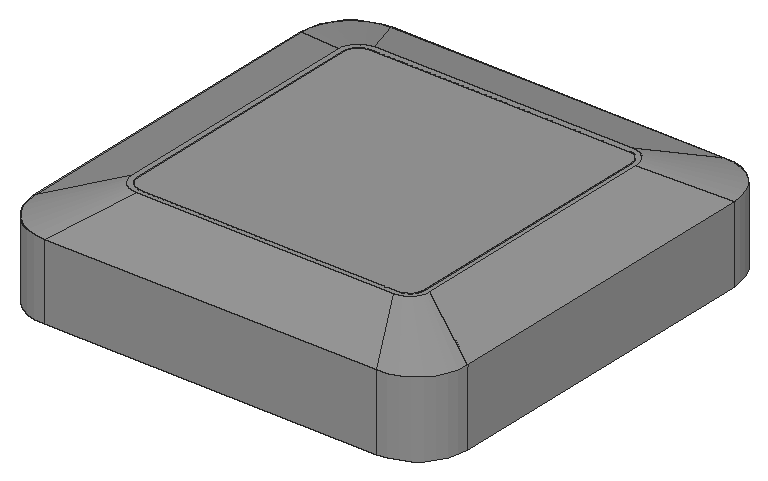
Revit family "HAFELE_Electronic Locking Systems_Switches_912.20.460", category Electrical Fixtures, host Face, Revit 2024
Family settings
  Host = Face
  Round Connector Dimension = Use Diameter
  Part Type = Normal
  Cut with Voids When Loaded = No
  Maintain Annotation Orientation = No
  Shared = No
  Room Calculation Point = No
Parameters (values of type "TouchlessSwitch_912.20.460")
  Width = 86 mm
  URL = "https://www.hafelethailand.com/"
  Secondary Material = -
  Product code = "912.20.460"
  Power Supply = "12-24"
  Output = "1 dry contact, COM/NO/NC, max.1A36V"
  Measurement Units = "mm"
  Material Name = White/Black
  Manufacturer Country = "Thailand"
  Manufacturer = "Häfele (Thailand) Ltd."
  Main Material = Plastic
  Height = 20 mm
  Depth = 86 mm
  Default Elevation = 1219.2 mm
  Catalog = "TouchlessSwitch 912.20.460"
Reference planes
  plane 1 "Center (Front/Back)": y = 0
  plane 2: z = 0
  plane 3 "Center (Left/Right)": x = 0
  plane 4: x = -43
  plane 5: x = 43
  plane 6: y = 43
  plane 7: y = -43
  plane 8: z = 15
  plane 9: z = 20
Forms (mm)
  Blend 1, solid, material "Plastic"
    base sketch origin (0, 0, 0) x (1, 0, 0) y (0, 1, 0)
      loop
        line (33, 43) -> (-33, 43)
        arc (-33, 43) -> (-40.071, 40.071) -> (-43, 33) r 10
        line (-43, 33) -> (-43, -33)
        arc (-43, -33) -> (-40.071, -40.071) -> (-33, -43) r 10
        line (-33, -43) -> (33, -43)
        arc (33, -43) -> (40.071, -40.071) -> (43, -33) r 10
        line (43, -33) -> (43, 33)
        arc (43, 33) -> (40.071, 40.071) -> (33, 43) r 10
    top sketch origin (0, 0, 0) x (1, 0, 0) y (0, 1, 0)
      loop
        line (25.5, 29.5) -> (-25.5, 29.5)
        arc (-25.5, 29.5) -> (-28.328, 28.328) -> (-29.5, 25.5) r 4
        line (-29.5, 25.5) -> (-29.5, -25.5)
        arc (-29.5, -25.5) -> (-28.328, -28.328) -> (-25.5, -29.5) r 4
        line (-25.5, -29.5) -> (25.5, -29.5)
        arc (25.5, -29.5) -> (28.328, -28.328) -> (29.5, -25.5) r 4
        line (29.5, -25.5) -> (29.5, 25.5)
        arc (29.5, 25.5) -> (28.328, 28.328) -> (25.5, 29.5) r 4
    from 15 to 20
  Extrusion 2, solid, material "Plastic"
    sketch origin (0, 0, 0) x (1, 0, 0) y (0, 1, 0)
      loop
        line (-43, 33) -> (-43, -33)
        arc (-43, -33) -> (-40.071, -40.071) -> (-33, -43) r 10
        line (-33, -43) -> (33, -43)
        arc (33, -43) -> (40.071, -40.071) -> (43, -33) r 10
        line (43, -33) -> (43, 33)
        arc (43, 33) -> (40.071, 40.071) -> (33, 43) r 10
        line (33, 43) -> (-33, 43)
        arc (-33, 43) -> (-40.071, 40.071) -> (-43, 33) r 10
    from 0 to 15
  Extrusion 3, void
    sketch origin (0, 0, 0) x (1, 0, 0) y (0, 1, 0)
      loop
        line (-28.5, 25.5) -> (-28.5, -25.5)
        arc (-28.5, -25.5) -> (-27.621, -27.621) -> (-25.5, -28.5) r 3
        line (-25.5, -28.5) -> (25.5, -28.5)
        arc (25.5, -28.5) -> (27.621, -27.621) -> (28.5, -25.5) r 3
        line (28.5, -25.5) -> (28.5, 25.5)
        arc (28.5, 25.5) -> (27.621, 27.621) -> (25.5, 28.5) r 3
        line (25.5, 28.5) -> (-25.5, 28.5)
        arc (-25.5, 28.5) -> (-27.621, 27.621) -> (-28.5, 25.5) r 3
    from 18.542 to 20
  Extrusion 4, solid, material "Plastic, Opaque Black"
    sketch origin (0, 0, 0) x (1, 0, 0) y (0, 1, 0)
      loop
        line (-28.5, 25.5) -> (-28.5, -25.5)
        arc (-28.5, -25.5) -> (-27.621, -27.621) -> (-25.5, -28.5) r 3
        line (-25.5, -28.5) -> (25.5, -28.5)
        arc (25.5, -28.5) -> (27.621, -27.621) -> (28.5, -25.5) r 3
        line (28.5, -25.5) -> (28.5, 25.5)
        arc (28.5, 25.5) -> (27.621, 27.621) -> (25.5, 28.5) r 3
        line (25.5, 28.5) -> (-25.5, 28.5)
        arc (-25.5, 28.5) -> (-27.621, 27.621) -> (-28.5, 25.5) r 3
    from 18.542 to 20
Cuts and joins
  Extrusion 3 cuts Extrusion 2
  Extrusion 3 cuts Blend 1
Dimensions and locks
  plane 4 to plane 3 "Center (Left/Right)" to plane 5 = 43 mm, 43 mm
  plane 4 to plane 5 = 86 mm
  equal spacing: plane 7, plane 1 "Center (Front/Back)", plane 6
  plane 7 to plane 6 = 86 mm
  aligned and locked: plane 2 to host face
  aligned and locked: level to host face
  aligned and locked: Blend 1 sketch curve to plane 6
  aligned and locked: Blend 1 sketch curve to plane 7
  aligned and locked: Blend 1 sketch curve to plane 5
  aligned and locked: Blend 1 sketch curve to plane 4
  aligned and locked: Blend 1 to plane 8
  aligned and locked: plane 9 to Blend 1
  aligned and locked: Extrusion 2 sketch curve to Blend 1  (x4)
  aligned and locked: Extrusion 2 to Blend 1
  aligned and locked: Extrusion 2 to level
  aligned and locked: Extrusion 4 sketch curve to cut or joined group of Blend 1, Extrusion 3  (x4)
  aligned and locked: host face to cut or joined group of Blend 1, Extrusion 3  (x4)
Automatic sketch dimensions
  host sketch curve to host sketch curve = 59 mm  (x2)
  plane 4 to Blend 1 sketch curve = 10 mm  (x2)
  Blend 1 sketch curve to plane 5 = 10 mm
  Blend 1 sketch curve to Blend 1 sketch curve = 10 mm
  plane 4 to Blend 1 sketch curve = 13.5 mm
  Blend 1 sketch curve to Blend 1 sketch curve = 4 mm  (x3)
  Blend 1 sketch curve to plane 5 = 17.5 mm  (x2)
  Blend 1 sketch curve to plane 7 = 13.5 mm
  plane 6 to Blend 1 sketch curve = 17.5 mm
  plane 4 to Extrusion 2 sketch curve = 10 mm
  Extrusion 3 sketch curve to Extrusion 3 sketch curve = 3 mm  (x3)
  plane 6 to Extrusion 3 sketch curve = 17.5 mm
  Extrusion 3 sketch curve to plane 5 = 17.5 mm
  plane 4 to Extrusion 3 sketch curve = 17.5 mm  (x2)
  Extrusion 3 sketch curve to plane 7 = 17.5 mm
